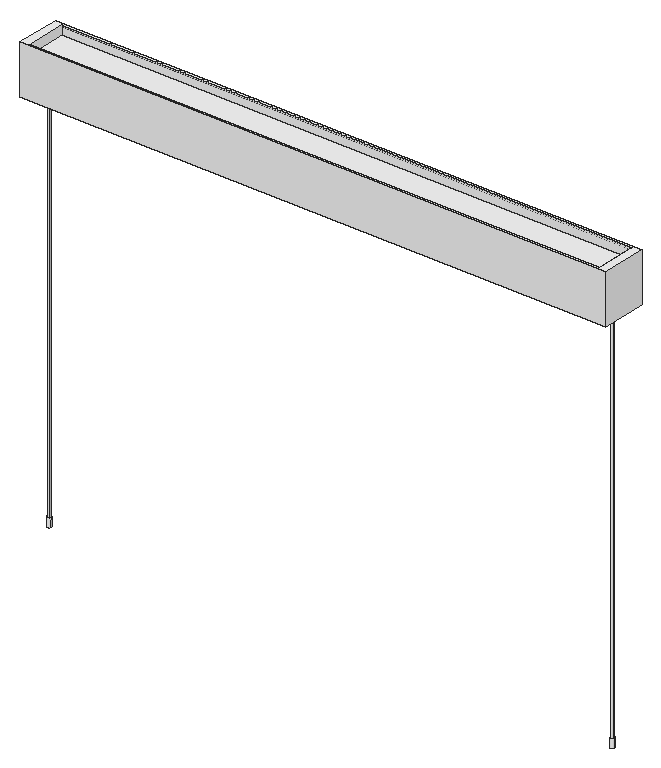
Revit family "22-P-D", category Lighting Fixtures, host Face, Revit 2014
Parameters (values of type "22-P-D-03")
  Wattage = 4 W
  Warranty = "1-Years Warranty"  # constant formula
  built-in parameter 1150110 = 1 (stored number, unit not read)
  Voltage = 120 V
  Type Comments = "Lighting Fixture"  # constant formula
  built-in parameter 1114217 = 1 (stored number, unit not read)
  Tilt Angle = -90.00°
  built-in parameter 1150109 = 1 (stored number, unit not read)
  built-in parameter 1150134 = (empty or 0)
  built-in parameter 1150113 = 1 (stored number, unit not read)
  Product Page URL = "https://www.hubbell.com/litecontrol/en/Products/Lighting-Controls/Commercial-Indoor-Lighting/Pendant-Lighting/MOD-22-Pendant-Direct/p/277647"
  Product Documentation Link = "https://hubbellcdn.com/specsheet/22_p_d.pdf"
  Power Factor = 1
  Photometric Web File = "22-P-D-04-BW-Cx-T5HO.ies"
  Photometric Notes = "More IES files download on Photometric Link"  # constant formula
  Photometric Link = "https://www.hubbell.com/litecontrol/en/Products/Lighting-Controls/Commercial-Indoor-Lighting/Pendant-Lighting/MOD-22-Pendant-Direct/p/277647#prod-photometry-section"
  Pendant Height [instance] = 2' - 0"
  zz Length 1 = 3' - 0"
  Wattage Comments = ""
  URL = "https://www.hubbell.com/litecontrol/en/"
  Mounting = "Pendant"  # constant formula
  Model = "22-P-D"  # constant formula
  Manufacturer = "Litecontrol Lighting"  # constant formula
  built-in parameter 1150105 = 39.789 (stored number, unit not read)
  Lumens = 500 lm
  built-in parameter 1150115 = 1 (stored number, unit not read)
  Load Classification = Lighting
  built-in parameter 1150137 = (empty or 0)
  built-in parameter 1150139 = (empty or 0)
  built-in parameter 1150112 = 1 (stored number, unit not read)
  built-in parameter 1150114 = 1 (stored number, unit not read)
  Lamp = "Fluorescent"  # constant formula
  built-in parameter 1150132 = (empty or 0)
  built-in parameter 1150102 = (empty or 0)
  built-in parameter 1150107 = 3500 (stored number, unit not read)
  built-in parameter 1150138 = (empty or 0)
  built-in parameter 1150106 = 0.39789 (stored number, unit not read)
  Glass = Glass - Hubbell - White
  Fixture Distribution = "Direct"  # constant formula
  Emit from Rectangle Width = zz Length 1 - 0' 2"  # 2' - 10"
  Emit from Rectangle Length = 0' - 2"  # constant formula
  Emit Shape Visible in Rendering = no
  built-in parameter 1150104 = 11.613 (stored number, unit not read)
  Downlight Diffuser = "Blade Baffle/Soft Glow Lens"  # constant formula
  Dimming Lamp Color Temperature Shift = <None>
  Description = "Small-scale extruded aluminum fixture available with three lamp choices with a lens or baffle on the downlight portion, allowing for greater design flexibility. Its small housing provides a clean, minimalist look in both small and large areas"  # constant formula
  Default Elevation = 4' - 0"
  Copyright = "Copyright © 2020 Litecontrol"  # constant formula
  Contact Us = "https://www.hubbell.com/litecontrol/en/contactUs"
  Color Filter = 16777215
  built-in parameter 1114218 = 1 (stored number, unit not read)
  Housing Material = Paint - Hubbell - Matte White
  built-in parameter 1150133 = 10 (stored number, unit not read)
  Assembly Code = "D5020200"
  Application = "Commercial Indoor, Library, Office, Public Space, Retail"  # constant formula
  Apparent Load = 0 VA
Types (6): name | zz Length 1 | Emit from Rectangle Width
  (no name) | 3' - 0" | 2' - 10"
  22-P-D-04 | 4' - 0" | 3' - 10"
  22-P-D-03 | 3' - 0" | 2' - 10"
  22-P-D-06 | 6' - 0" | 5' - 10"
  22-P-D-08 | 8' - 0" | 7' - 10"
  22-P-D-12 | 12' - 0" | 11' - 10"
Reference planes (in)
  plane 1 "Center (Front/Back)": y = 13.01342
  plane 2: z = 0
  plane 3 "Center (Left/Right)": x = 0
  plane 4: z = 24
  plane 5: x = -18
  plane 6: x = 18
  plane 7: x = -17.3125
  plane 8: x = 17.3125
  plane 9: z = 0.5
  plane 10: z = 26.75
Forms (in)
  Revolve 1, solid, material "Paint - Hubbell - Matte White" <- "Housing Material"
    sketch origin (-5.75, 13.01342, 0) x (-1, 0, 0) y (0, 0, 1)
      loop
        line (-23.0625, 24) -> (-23.0625, 0) -> (-22.9375, 0) -> (-22.9375, 0.5) -> (-23, 0.5) -> (-23, 23.5) -> (-22.9375, 23.5) -> (-22.9375, 24) -> (-23.0625, 24)
      axis (-23.0625, 24) -> (-23.0625, 0)
    angle from 0 to 360
  Revolve 2, solid, material "Paint - Hubbell - Matte White" <- "Housing Material"
    sketch origin (5.75, 13.01342, 0) x (1, 0, 0) y (0, 0, 1)
      loop
        line (-23.0625, 24) -> (-23.0625, 0) -> (-22.9375, 0) -> (-22.9375, 0.5) -> (-23, 0.5) -> (-23, 23.5) -> (-22.9375, 23.5) -> (-22.9375, 24) -> (-23.0625, 24)
      axis (-23.0625, 24) -> (-23.0625, 0)
    angle from 0 to 360
Dimensions and locks (in)
  "Pendant Height": plane 4 to level
  equal spacing: plane 6, plane 3 "Center (Left/Right)", plane 5
  "zz Length 1": plane 6 to plane 5
  locked: plane 9 to plane 2 at 0.5
  locked: plane 7 to plane 5 at 0.6875
  locked: plane 6 to plane 8 at 0.6875
  locked: plane 10 to plane 4 at 2.75
  aligned and locked: plane 2 to host face
  aligned and locked: level to host face
  aligned and locked: Revolve 1 sketch curve to Revolve 1 sketch curve
  aligned and locked: Revolve 1 sketch curve to plane 8
  aligned and locked: plane 4 to Revolve 1 sketch curve
  aligned and locked: Revolve 1 sketch curve to level
  aligned and locked: plane 3 "Center (Left/Right)" to nested 1
  aligned and locked: plane 1 "Center (Front/Back)" to nested 1
  aligned and locked: Revolve 2 sketch curve to Revolve 2 sketch curve
  aligned and locked: plane 9 to Revolve 2
  aligned and locked: Revolve 1 to plane 9
  aligned and locked: plane 10 to imposter light
  aligned and locked: plane 3 "Center (Left/Right)" to imposter light
Automatic sketch dimensions
  host sketch curve to host sketch curve = 8' - 0"  (x2)
  Revolve 1 sketch curve to plane 9 = 0' - 0"
  plane 8 to Revolve 1 sketch curve = 0' - 0 1/16"
  plane 8 to Revolve 1 sketch curve = 0' - 0 1/8"
  Revolve 1 sketch curve to Revolve 1 sketch curve = 0' - 0 1/16"
  Revolve 1 sketch curve to plane 9 = 0' - 0.66777"
  Revolve 1 sketch curve to Revolve 1 sketch curve = 0' - 9.83778"
  Revolve 2 sketch curve to plane 7 = 0' - 0"
  plane 9 to Revolve 2 sketch curve = 0' - 0"
  Revolve 2 sketch curve to level = 0' - 0"
  Revolve 2 sketch curve to plane 4 = 0' - 0"
  plane 7 to Revolve 2 sketch curve = 0' - 0 1/16"
  plane 7 to Revolve 2 sketch curve = 0' - 0 1/8"
  Revolve 2 sketch curve to Revolve 2 sketch curve = 0' - 0 1/16"
  plane 9 to Revolve 2 sketch curve = 0' - 0.66777"
  Revolve 2 sketch curve to Revolve 2 sketch curve = 0' - 9.83778"
  plane 4 to Revolve 1 sketch curve = 0' - 0 1/2"
  Revolve 2 sketch curve to plane 4 = 0' - 0 1/2"
Nested families (in)
  nested 1: "22-P" at (-0.01104, 12.97343, 24), Glass <- "Glass", Backbox <- "Housing Material", Length <- "zz Length 1", type "22-P"
    with Length 3' - 0", Glass Glass - Hubbell - White, Backbox Paint - Hubbell - Matte White
Connectors (in)
  electrical at (0, 13.01342, 24), driven by "Load Classification", driven by "Voltage", driven by "Apparent Load", driven by "Power Factor"
    settings: on nested 1, index 1, voltage 120 V, apparent load 0 VA, apparent load phase1 0 VA, apparent load phase2 0 VA, apparent load phase3 0 VA, power factor 1, load classification "Lighting", number of poles 1, system type 30, power factor state 1, is connector primary yes, connector utility no, sub classification motor no, connector description "Electrical Connector"
Definition of nested family "22-P"
  Parameters (values of type "22-P")
    Wattage Comments = ""
    URL = ""
    Model = ""
    Manufacturer = ""
    Length [instance] = 4' - 0"
    Lamp_Material = none
    Lamp = ""
    Glass [instance] = none
    Description = ""
    Default Elevation = 4' - 0"
    Backbox [instance] = none
    Apparent Load = 0 VA
  Reference planes (in)
    plane 1 "Center (Front/Back)": y = 0.03999
    plane 2: z = 0
    plane 3 "Center (Left/Right)": x = 0.01104
    plane 4: z = 3
    plane 5: z = 2.875
    plane 6: x = -23.98896
    plane 7: x = 24.01104
    plane 8: x = -23.48896
    plane 9: x = 23.51104
    plane 10: y = 1.28999
    plane 11: y = -1.21001
    plane 12: z = 2.40625
    plane 13: y = -1.33501
    plane 14: y = 1.41499
  Forms (in)
    Extrusion 1, solid
      sketch origin (0, 0, 0.06357) x (1, 0, 0) y (0, 1, 0)
        loop
          line (-48, 48) -> (-48, -48) -> (48, -48) -> (48, 48) -> (-48, 48)
      from -0.06357 to -12.81105
    Extrusion 2, void
      sketch origin (-23.78896, 8.13374, 2) x (0, -1, 0) y (1, 0, 0)
        loop
          line (6.84375, 0.3) -> (9.34375, 0.3) -> (9.34375, 47.3) -> (6.84375, 47.3) -> (6.84375, 0.3)
      from 1 to 0.40625
    Extrusion 3, solid, material <- "Backbox"
      sketch origin (0.01104, 0, 0) x (0, 1, 0) y (0, 0, 1)
        loop
          line (1.41499, 3) -> (-1.33501, 3) -> (-1.33501, 0) -> (1.41499, 0) -> (1.41499, 3)
      from -24 to 24
    Extrusion 4, solid, material <- "Glass"
      sketch origin (0, 0, 0) x (1, 0, 0) y (0, 1, 0)
        loop
          line (-23.48896, 1.28999) -> (-23.48896, -1.21001) -> (23.51104, -1.21001) -> (23.51104, 1.28999) -> (-23.48896, 1.28999)
      from 2.875 to 3
    Extrusion 5, solid, material <- "Lamp_Material"
      sketch origin (0.01104, 0, 0) x (0, 1, 0) y (0, 0, 1)
        loop
          circle (0.03999, 1.22228) r 0.25
      from -23.5 to 23.5
  Cuts and joins
    Extrusion 2 cuts Extrusion 3
  Dimensions and locks (in)
    "Length": plane 7 to plane 6
    locked: plane 8 to plane 6 at 0.5
    locked: plane 7 to plane 9 at 0.5
    equal spacing: plane 7, plane 3 "Center (Left/Right)", plane 6
    plane 10 to plane 11 = 0' - 2 1/2"
    equal spacing: plane 10, plane 1 "Center (Front/Back)", plane 11
    plane 13 to plane 14 = 0' - 2 3/4"
    plane 13 to plane 1 "Center (Front/Back)" = 0' - 1 3/8"
    equal spacing: plane 14, plane 1 "Center (Front/Back)", plane 13
    locked: plane 4 to plane 5 at 0.125
    locked: plane 4 to plane 12 at 0.59375
    plane 4 to plane 2 = 0' - 3"
    aligned and locked: plane 2 to Extrusion 1
    aligned and locked: plane 10 to Extrusion 2 sketch curve
    aligned and locked: plane 11 to Extrusion 2 sketch curve
    aligned and locked: plane 4 to Extrusion 3 sketch curve
    aligned and locked: plane 14 to Extrusion 3 sketch curve
    aligned and locked: Extrusion 3 sketch curve to level
    aligned and locked: plane 13 to Extrusion 3 sketch curve
    aligned and locked: Extrusion 3 to plane 6
    aligned and locked: plane 7 to Extrusion 3
    aligned and locked: Extrusion 2 to plane 12
    aligned and locked: plane 9 to Extrusion 2
    aligned and locked: Extrusion 2 to plane 8
    aligned and locked: plane 4 to Extrusion 2
    aligned and locked: Extrusion 4 sketch curve to cut or joined group of Extrusion 2, Extrusion 3  (x4)
    aligned and locked: plane 4 to Extrusion 4
    aligned and locked: Extrusion 4 to plane 5
    aligned and locked: Extrusion 5 to plane 8
    aligned and locked: plane 9 to Extrusion 5
  Automatic sketch dimensions
    Extrusion 1 sketch curve to Extrusion 1 sketch curve = 8' - 0"  (x2)
    plane 8 to Extrusion 2 sketch curve = 0' - 0"
    Extrusion 2 sketch curve to plane 9 = 0' - 0"
    Extrusion 5 sketch curve to plane 1 "Center (Front/Back)" = 0' - 0"
    Extrusion 5 sketch curve to plane 12 = 0' - 1.18397"
    radius of Extrusion 5 sketch curve = 0' - 0 1/4"
